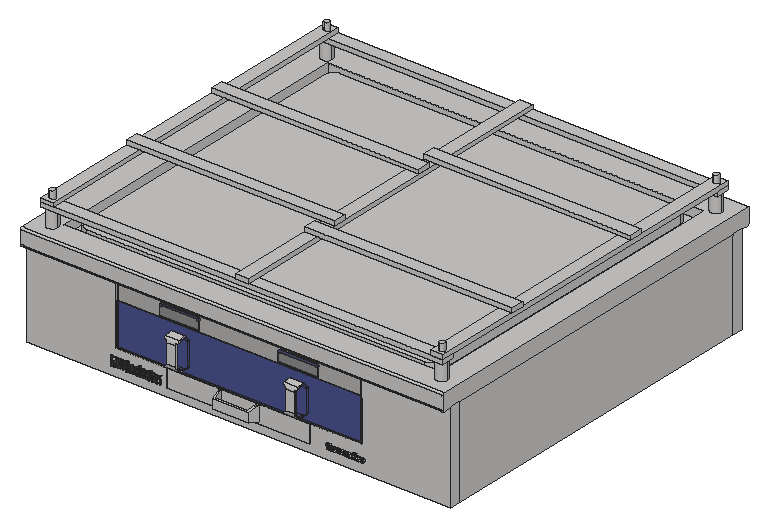
Revit family "QF_ELECTROLUXPROFESSIONAL_589871_MCLCACJODM", category Specialty Equipment, Revit 2014
Parameters
  Weight in Pounds = 487.22
  URL Cutsheet = ""
  Type Mark [instance] = ""
  Specification by User [instance] = ""
  Specification by Manufacturer = ""
  Serial Number = ""
  Seismic Rating = ""
  SMACNA No = ""
  Revision Code [instance] = ""
  Omniclass Number and Title = ""
  NAFEM Spec ID Number = ""
  Model = "588557"
  Masterspec = ""
  Manufacturer = "Electrolux Professional"
  Item Number [instance] = ""
  Installed By [instance] = ""
  Identify Quantity as Lot [instance] = yes
  Furnished By [instance] = ""
  Foodservice Equipment Identifier [instance] = yes
  Description = ""
  CSI MasterFormat = ""
  CSI Master Format = ""
Reference planes
  plane 1 "BACK": y = 0
  plane 2: z = 0
  plane 3 "LEFT": x = 0
  plane 4 "RIGHT": x = 1000
  plane 5 "FRONT": y = -900
  plane 6 "TOP": z = 900
  plane 7 "Center (Left/Right)": x = 500
  plane 8: y = -425
  plane 9: y = -150
  plane 10: x = 55
  plane 11: x = 945
  plane 12: y = -60
  plane 13: y = -840
  plane 14 "EIx": x = 955
  plane 15 "EIy": y = -685
  plane 16: z = 938
  plane 17 "BaseTop": z = 650
  plane 18: y = -855
Forms (mm)
  Extrusion 1, solid, material "QF_Finishes_Stainless Steel"
    sketch origin (-178.969, -4572, 100) x (-1, 0, 0) y (0, -1, 0)
      loop
        line (-178.969, -4527) -> (-178.969, -3717) -> (-1178.969, -3717) -> (-1178.969, -4527) -> (-178.969, -4527)
    from 550 to 762.969
  Extrusion 2, solid, material "QF_Finishes_Stainless Steel"
    sketch origin (200, -50, 650) x (-1, 0, 0) y (0, -1, 0)
      loop
        circle (-755, 635) r 6.35
    from 0 to -11.851
  Extrusion 3, solid, material "QF_Finishes_Stainless Steel"
    sketch origin (500, 296.4, 1219.2) x (0, 1, 0) y (0, 0, 1)
      loop
        line (-296.4, -319.2) -> (-1191.4, -319.2)
        arc (-1191.4, -319.2) -> (-1194.935, -320.664) -> (-1196.4, -324.2) r 5
        line (-1196.4, -324.2) -> (-1196.4, -355.2)
        arc (-1196.4, -355.2) -> (-1194.971, -358.264) -> (-1191.705, -359.139) r 4
        line (-1191.705, -359.139) -> (-1176.4, -356.231) -> (-316.4, -356.231) -> (-301.094, -359.139)
        arc (-301.094, -359.139) -> (-297.829, -358.264) -> (-296.4, -355.2) r 4
        line (-296.4, -355.2) -> (-296.4, -319.2)
    from -500 to 500
  Extrusion 4, solid, material "QF_Finishes_Stainless Steel"
    sketch origin (0, 0, 900) x (-1, 0, 0) y (0, -1, 0)
      loop
        arc (-100, 80) -> (-85.858, 85.858) -> (-80, 100) r 20
        line (-80, 100) -> (-80, 810)
        arc (-80, 810) -> (-85.858, 824.142) -> (-100, 830) r 20
        line (-100, 830) -> (-900, 830)
        arc (-900, 830) -> (-914.142, 824.142) -> (-920, 810) r 20
        line (-920, 810) -> (-920, 100)
        arc (-920, 100) -> (-914.142, 85.858) -> (-900, 80) r 20
        line (-900, 80) -> (-100, 80)
    from 1 to -20
  Extrusion 5, void
    sketch origin (0, 0, 900) x (-1, 0, 0) y (0, -1, 0)
      loop
        line (-55, 840) -> (-945, 840) -> (-945, 60) -> (-55, 60) -> (-55, 840)
    from 0 to -25
Cuts and joins
  Extrusion 5 cuts Extrusion 3
Lines and regions (mm)
  symbolic lines
    curve 1: line (0, 0, 100) -> (1000, 0, 100)
    curve 2: line (0, -900, 100) -> (0, 0, 100)
    curve 3: line (1000, -900, 100) -> (0, -900, 100)
    curve 4: line (1000, 0, 100) -> (1000, -900, 100)
    curve 5: arc (100, -80, 0) -> (85.858, -85.858, 0) -> (80, -100, 0) r 20
    curve 6: line (900, -80, 0) -> (515, -80, 0)
    curve 7: line (920, -810, 0) -> (920, -666, 0)
    curve 8: arc (920, -100, 0) -> (914.142, -85.858, 0) -> (900, -80, 0) r 20
    curve 9: line (80, -100, 0) -> (80, -336, 0)
    curve 10: arc (80, -810, 0) -> (85.858, -824.142, 0) -> (100, -830, 0) r 20
    curve 11: line (100, -830, 0) -> (485, -830, 0)
    curve 12: arc (900, -830, 0) -> (914.142, -824.142, 0) -> (920, -810, 0) r 20
    curve 13: line (80, -616, 0) -> (80, -810, 0)
    curve 14: line (80, -366, 0) -> (80, -586, 0)
    curve 15: line (515, -830, 0) -> (900, -830, 0)
    curve 16: line (920, -636, 0) -> (920, -316, 0)
    curve 17: line (920, -286, 0) -> (920, -100, 0)
    curve 18: line (485, -80, 0) -> (100, -80, 0)
Dimensions and locks
  plane 3 "LEFT" to plane 4 "RIGHT" = 1000 mm
  plane 5 "FRONT" to plane 1 "BACK" = 900 mm
  plane 3 "LEFT" to plane 7 "Center (Left/Right)" to plane 4 "RIGHT" = 500 mm, 500 mm
  plane 5 "FRONT" to plane 8 to plane 1 "BACK" = 475 mm, 425 mm
  plane 6 "TOP" to level = 900 mm  (x2)
  plane 1 "BACK" to plane 9 = 150 mm
  plane 1 "BACK" to Extrusion 2 = 685 mm
  locked: plane 14 "EIx" to plane 4 "RIGHT" at 45
  plane 15 "EIy" to plane 1 "BACK" = 685 mm
  plane 16 to plane 6 "TOP" = 38 mm
  plane 12 to plane 1 "BACK" = 60 mm
  plane 5 "FRONT" to plane 13 = 60 mm
  plane 3 "LEFT" to plane 10 = 55 mm
  plane 11 to plane 4 "RIGHT" = 55 mm
  locked: plane 6 "TOP" to plane 17 "BaseTop" at 250
  locked: plane 18 to plane 5 "FRONT" at 45
  aligned and locked: level to plane 2
  aligned and locked: cut or joined group of Extrusion 3, Extrusion 5 to plane 4 "RIGHT"
  aligned and locked: nested 1 to plane 18
  aligned and locked: Extrusion 1 to plane 18
  aligned and locked: plane 3 "LEFT" to nested 1
  aligned and locked: Extrusion 5 sketch curve to plane 10
  aligned and locked: Extrusion 5 sketch curve to plane 13
  aligned and locked: plane 11 to Extrusion 5 sketch curve
  aligned and locked: Extrusion 1 to plane 4 "RIGHT"
  aligned and locked: nested 3 to Extrusion 1
  aligned and locked: nested 3 to plane 3 "LEFT"
Nested families
  nested 1: "Front_Panel_W1000_Two Knobs" at (202.376, -855, 0), type "Front_Panel_W1000_Two Knobs"
  nested 2: "QF_ELECTROLUXPROFESSIONAL_MARINE1000x900_1" at (100, 0, 0), type "QF_ELECTROLUXPROFESSIONAL_MARINE1000x900_1"
    with Type Mark "", Specification by User "", Revision Code "", Item Number "", Installed By "", Identify Quantity as Lot yes, Furnished By "", Foodservice Equipment Identifier yes
  nested 3: "Front_Panel_W1000_2 Knobs" at (797.624, -45, 0) x (-1, 0, 0) z (0, 0, 1), type "Front_Panel_W1000_2 Knobs"
Connectors
  electrical at (955, -685, 638.149)
    settings: on Extrusion 2, index 1, voltage 400 V, apparent load 33000 VA, apparent load phase1 0 VA, apparent load phase2 0 VA, apparent load phase3 0 VA, power factor 1, load classification "Other", number of poles 1, system type 30, power factor state 1, is connector primary yes, connector utility no, sub classification motor no, connector description "ELECTRICAL CONNECTION"
Definition of nested family "Front_Panel_W1000_Two Knobs"
  Reference planes
    plane 1 "Center (Front/Back)": y = 0
    plane 2: z = 0
    plane 3 "Center (Left/Right)": x = 297.624
    plane 4 "Left": x = -202.376
    plane 5 "Right": x = 797.624
    plane 6: y = -45
    plane 7: x = 87.624
    plane 8: x = 157.624
    plane 9: y = -310
    plane 10: y = -25
    plane 11: x = -2.376
    plane 12: x = 437.624
    plane 13: x = 507.624
    plane 14: x = 594.715
  Forms (mm)
    Extrusion 1, solid, material "QF_Finishes_Stainless Steel"
      sketch origin (833.217, 829.203, -1.25) x (0, 1, 0) y (0, 0, 1)
        loop
          line (-854.203, 651.25) -> (-829.203, 651.25) -> (-829.203, 864.25) -> (-854.203, 864.25) -> (-854.203, 651.25)
      from -1035.593 to -35.593
    Extrusion 2, void
      sketch origin (0, 0, 0) x (1, 0, 0) y (0, 0, 1)
        loop
          line (7.624, 853.866) -> (7.624, 711.866) -> (587.624, 711.866) -> (587.624, 853.866) -> (7.624, 853.866)
      from 19.387 to 33.951
    Extrusion 3, void
      sketch origin (0, 0, 0) x (1, 0, 0) y (0, 0, 1)
        loop
          line (128.624, 711.866) -> (128.624, 668.866) -> (466.624, 668.866) -> (466.624, 711.866) -> (128.624, 711.866)
      from 19.387 to 25
    Extrusion 4, solid, material "QF_Finishes_Stainless Steel"
      sketch origin (150, 0, 1) x (1, 0, 0) y (0, 0, 1)
        loop
          line (-21.376, 710.866) -> (-21.376, 667.866) -> (316.624, 667.866) -> (316.624, 710.866) -> (-21.376, 710.866)
      from 19.387 to 25
    Extrusion 5, solid, material "QF_Finishes_Stainless Steel"
      sketch origin (150, 0, 1) x (1, 0, 0) y (0, 1, 0)
        loop
          line (106.059, -25) -> (100.966, -25) -> (105.646, -49.075) -> (189.603, -49.075) -> (194.283, -25) -> (189.189, -25) -> (185.481, -44.075) -> (109.767, -44.075) -> (106.059, -25)
      from 672.593 to 705.67
    Extrusion 6, void
      sketch origin (297.624, 0, 1) x (0, 1, 0) y (0, 0, 1)
        loop
          line (-30, 705.67) -> (-30, 710.67) -> (-56.744, 710.67) -> (-56.744, 667.593) -> (-30, 667.593) -> (-30, 672.593) -> (-53.776, 680.318) -> (-53.776, 697.945) -> (-30, 705.67)
      from -50 to 50
    Extrusion 7, solid, material "QF_Door-Drawer Clearances", detail levels coarse
      sketch origin (150, -265, 1) x (1, 0, 0) y (0, 1, 0)
        loop
          line (106.164, -71.744) -> (189.084, -71.744) -> (194.283, -45) -> (316.624, -45) -> (316.624, 240) -> (-21.376, 240) -> (-21.376, -45) -> (100.966, -45) -> (106.164, -71.744)
      from 672.593 to 705.67
    Extrusion 8, void
      sketch origin (297.624, -280, 1) x (0, 1, 0) y (0, 0, 1)
        loop
          line (-30, 705.67) -> (-30, 710.67) -> (-56.744, 710.67) -> (-56.744, 667.593) -> (-30, 667.593) -> (-30, 672.593) -> (-53.776, 680.318) -> (-53.776, 697.945) -> (-30, 705.67)
      from -50 to 50
  Cuts and joins
    Extrusion 2, Extrusion 3 cuts Extrusion 1
    Extrusion 6 cuts Extrusion 5
    Extrusion 6, Extrusion 8 cuts Extrusion 7
  Lines and regions (mm)
    symbolic lines, style "SpecialityEquipmentHiddenLines"
      curve 1: line (128.624, -45, 0) -> (128.624, -310, 0)
      curve 2: line (128.624, -310, 0) -> (466.624, -310, 0)
      curve 3: line (466.624, -310, 0) -> (466.624, -45, 0)
      curve 4: line (128.624, -300, 0) -> (466.624, -300, 0)
      curve 5: line (250.958, -309.701, 0) -> (255.638, -333.776, 0)
      curve 6: line (255.638, -333.776, 0) -> (339.595, -333.776, 0)
      curve 7: line (339.595, -333.776, 0) -> (344.275, -309.701, 0)
      curve 8: line (256.052, -309.701, 0) -> (259.76, -328.776, 0)
      curve 9: line (259.76, -328.776, 0) -> (335.474, -328.776, 0)
      curve 10: line (335.474, -328.776, 0) -> (339.181, -309.701, 0)
  Dimensions and locks
    equal spacing: plane 5 "Right", plane 3 "Center (Left/Right)", plane 4 "Left"
    plane 5 "Right" to plane 4 "Left" = 1000 mm
    plane 3 "Center (Left/Right)" to plane 8 = 140 mm
    plane 6 to plane 9 = 265 mm
    plane 12 to plane 3 "Center (Left/Right)" = 140 mm
    aligned and locked: cut or joined group of Extrusion 1, Extrusion 2, Extrusion 3 to plane 4 "Left"
    aligned and locked: plane 5 "Right" to cut or joined group of Extrusion 1, Extrusion 2, Extrusion 3
    aligned and locked: plane 3 "Center (Left/Right)" to nested 1
    aligned and locked: cut or joined group of Extrusion 1, Extrusion 2, Extrusion 3 to nested 1
    aligned and locked: plane 8 to nested 2
    aligned and locked: plane 12 to nested 3
  Automatic sketch dimensions
    plane 7 to Extrusion 3 sketch curve = 41 mm
    plane 3 "Center (Left/Right)" to Extrusion 3 sketch curve = 169 mm
    level to Extrusion 3 sketch curve = 668.866 mm
    Extrusion 3 sketch curve to Extrusion 3 sketch curve = 43 mm
    Extrusion 1 sketch curve to plane 1 "Center (Front/Back)" = 0 mm
    level to Extrusion 1 sketch curve = 650 mm
    plane 4 "Left" to Extrusion 2 sketch curve = 210 mm
    Extrusion 2 sketch curve to plane 5 "Right" = 210 mm
    level to Extrusion 2 sketch curve = 711.866 mm
    Extrusion 2 sketch curve to Extrusion 2 sketch curve = 142 mm
    plane 6 to curve 1 = 0 mm
    plane 6 to curve 3 = 0 mm
    plane 9 to curve 1 = 0 mm
    plane 7 to curve 1 = 41 mm
    curve 1 to curve 4 = 10 mm
    Extrusion 1 sketch curve to plane 6 = 20 mm
    Extrusion 1 sketch curve to Extrusion 1 sketch curve = 213 mm
    Extrusion 4 sketch curve to plane 8 = 29 mm
    plane 12 to Extrusion 4 sketch curve = 29 mm
    level to Extrusion 4 sketch curve = 668.866 mm
    Extrusion 4 sketch curve to Extrusion 4 sketch curve = 43 mm
    plane 10 to Extrusion 5 sketch curve = 0 mm  (x2)
    Extrusion 5 sketch curve to plane 3 "Center (Left/Right)" = 46.658 mm
    plane 6 to Extrusion 5 sketch curve = 4.075 mm
    Extrusion 5 sketch curve to Extrusion 5 sketch curve = 4.68 mm
    Extrusion 5 sketch curve to Extrusion 5 sketch curve = 5.094 mm  (x2)
    Extrusion 5 sketch curve to plane 6 = 0.925 mm
    Extrusion 5 sketch curve to Extrusion 5 sketch curve = 4.122 mm  (x2)
    plane 3 "Center (Left/Right)" to Extrusion 5 sketch curve = 37.857 mm
    Extrusion 5 sketch curve to Extrusion 5 sketch curve = 3.708 mm
    plane 6 to Extrusion 6 sketch curve = 11.744 mm
    plane 6 to Extrusion 6 sketch curve = 8.776 mm
    plane 10 to Extrusion 6 sketch curve = 5 mm  (x2)
    level to Extrusion 6 sketch curve = 668.593 mm
    Extrusion 6 sketch curve to Extrusion 6 sketch curve = 5 mm
    Extrusion 6 sketch curve to Extrusion 6 sketch curve = 12.725 mm  (x2)
    Extrusion 6 sketch curve to Extrusion 6 sketch curve = 17.627 mm
    Extrusion 6 sketch curve to Extrusion 6 sketch curve = 7.725 mm
    plane 10 to Extrusion 7 sketch curve = 0 mm
    Extrusion 7 sketch curve to plane 9 = 0 mm  (x2)
    Extrusion 7 sketch curve to plane 8 = 29 mm
    Extrusion 7 sketch curve to plane 3 "Center (Left/Right)" = 46.658 mm
    Extrusion 7 sketch curve to Extrusion 7 sketch curve = 5.199 mm  (x2)
    plane 3 "Center (Left/Right)" to Extrusion 7 sketch curve = 41.46 mm
    plane 12 to Extrusion 7 sketch curve = 29 mm
    Extrusion 7 sketch curve to plane 9 = 26.744 mm
    Extrusion 8 sketch curve to plane 9 = 0 mm  (x2)
    Extrusion 8 sketch curve to plane 9 = 23.776 mm
    Extrusion 8 sketch curve to Extrusion 8 sketch curve = 2.968 mm
    level to Extrusion 8 sketch curve = 668.593 mm
    Extrusion 8 sketch curve to Extrusion 8 sketch curve = 5 mm
    Extrusion 8 sketch curve to Extrusion 8 sketch curve = 12.725 mm  (x2)
    Extrusion 8 sketch curve to Extrusion 8 sketch curve = 17.627 mm
    Extrusion 8 sketch curve to Extrusion 8 sketch curve = 7.725 mm
    plane 12 to curve 3 = 29 mm
    plane 9 to curve 5 = 0.299 mm
    curve 5 to plane 3 "Center (Left/Right)" = 46.666 mm
    curve 5 to curve 5 = 4.68 mm
    plane 9 to curve 8 = 0.299 mm
    curve 5 to curve 8 = 5.094 mm
    curve 5 to curve 9 = 4.122 mm
    curve 9 to plane 9 = 18.776 mm
    plane 3 "Center (Left/Right)" to curve 9 = 37.849 mm
    plane 9 to curve 10 = 0.299 mm
    curve 9 to curve 10 = 3.708 mm
    curve 9 to curve 7 = 4.122 mm
    plane 9 to curve 7 = 0.299 mm
    curve 10 to curve 7 = 5.094 mm
    curve 6 to curve 8 = 5 mm
  Nested families
    nested 1: "Front glass control panel W1000_2" at (297.624, 280.644, 2.752), type "Front glass control panel W1000_2"
    nested 2: "Range Control Handle" at (157.624, -28.137, -209.113) x (-1, 0, 0) z (0, 0, 1), type "Range Control Handle"
    nested 3: "Range Control Handle" at (437.624, -28.137, -209.113), type "Range Control Handle"
    nested 4: "ELX_ThermaLine_Small" at (546.122, -25, 679.426) x (1, 0, 0) z (0, -1, 0), type "ELX_ThermaLine_Small"
      with Show Logo yes, Material_Logo QF_Finishes_Black
    nested 5: "ELX_Professional_Logo_Small" at (57.11, -25, 681.659) x (1, 0, 0) z (0, -1, 0), type "ELX_Professional_Logo_Small"
      with Show Logo yes, Material_Logo QF_Finishes_Black
  Definition of nested family "Front glass control panel W1000_2"
    Reference planes
      plane 1 "Center (Front/Back)": y = 0
      plane 2: z = 0
      plane 3 "Center (Left/Right)": x = 0
      plane 4: x = -140
      plane 5: x = 140
    Forms (mm)
      Extrusion 1, solid, material "QF_Finishes_Electrolux Cyan"
        sketch origin (378.286, 0, 0.617) x (1, 0, 0) y (0, 0, 1)
          loop
            line (-668.286, 806.791) -> (-668.286, 708.497) -> (-88.286, 708.497) -> (-88.286, 806.791) -> (-668.286, 806.791)
        from 300.031 to 304.8
      Extrusion 2, solid, material "QF_Finishes_Electrolux_Black"
        sketch origin (378.286, 0, 0.617) x (1, 0, 0) y (0, 0, 1)
          loop
            line (-668.286, 850.497) -> (-668.286, 806.791) -> (-88.286, 806.791) -> (-88.286, 850.497) -> (-668.286, 850.497)
        from 300.031 to 304.8
      Extrusion 3, void
        sketch origin (378.286, 0, 0.617) x (1, 0, 0) y (0, 0, 1)
          loop
            line (-665.628, 847.565) -> (-665.628, 710.699) -> (-91.196, 710.699) -> (-91.196, 847.565) -> (-665.628, 847.565)
        from 303.697 to 304.8
      Extrusion 4, solid, material "QF_Finishes_Electrolux_Black Smoke Iluminated"
        sketch origin (-448.309, 1.101, -0.633) x (-1, 0, 0) y (0, 0, -1)
          loop
            line (-261.431, -812.62) -> (-355.186, -812.62) -> (-355.186, -834.177) -> (-350.269, -834.177) -> (-348.469, -835.977) -> (-268.039, -835.977) -> (-266.24, -834.177) -> (-261.431, -834.177) -> (-261.431, -812.62)
        from 304.798 to 306.745
      Extrusion 5, solid, material "QF_Finishes_Electrolux_Royal Blue Illuminated"
        sketch origin (-448.309, 1.101, -0.633) x (-1, 0, 0) y (0, 0, -1)
          loop
            line (-350.269, -834.177) -> (-355.078, -834.177)
            arc (-355.078, -834.177) -> (-353.942, -838.747) -> (-349.686, -840.763) r 5.5
            line (-349.686, -840.763) -> (-266.98, -840.763)
            arc (-266.98, -840.763) -> (-262.706, -838.752) -> (-261.529, -834.177) r 5.549
            line (-261.529, -834.177) -> (-266.24, -834.177) -> (-268.039, -835.977) -> (-348.469, -835.977) -> (-350.269, -834.177)
        from 304.798 to 306.745
      Extrusion 6, solid, material "QF_Finishes_Electrolux_Black Smoke Iluminated"
        sketch origin (448.309, 1.101, -0.633) x (1, 0, 0) y (0, 0, 1)
          loop
            line (-261.431, 812.62) -> (-261.431, 834.177) -> (-266.24, 834.177) -> (-268.039, 835.977) -> (-348.469, 835.977) -> (-350.269, 834.177) -> (-355.186, 834.177) -> (-355.186, 812.62) -> (-261.431, 812.62)
        from 304.798 to 306.745
      Extrusion 7, solid, material "QF_Finishes_Electrolux_Royal Blue Illuminated"
        sketch origin (448.309, 1.101, -0.633) x (1, 0, 0) y (0, 0, 1)
          loop
            line (-350.269, 834.177) -> (-348.469, 835.977) -> (-268.039, 835.977) -> (-266.24, 834.177) -> (-261.529, 834.177)
            arc (-261.529, 834.177) -> (-262.706, 838.752) -> (-266.98, 840.763) r 5.549
            line (-266.98, 840.763) -> (-349.686, 840.763)
            arc (-349.686, 840.763) -> (-353.942, 838.747) -> (-355.078, 834.177) r 5.5
            line (-355.078, 834.177) -> (-350.269, 834.177)
        from 304.798 to 306.745
    Cuts and joins
      Extrusion 3 cuts Extrusion 1
      Extrusion 3 cuts Extrusion 2
    Dimensions and locks
      plane 3 "Center (Left/Right)" to plane 4 = 140 mm
      plane 5 to plane 3 "Center (Left/Right)" = 140 mm
      aligned and locked: Extrusion 1 to Extrusion 2
      aligned and locked: Extrusion 5 sketch curve to Extrusion 4  (x5)
      aligned and locked: Extrusion 5 to Extrusion 4
      aligned and locked: Extrusion 7 sketch curve to Extrusion 6  (x4)
      aligned and locked: Extrusion 6 to Extrusion 7 sketch curve
      aligned and locked: Extrusion 7 to Extrusion 6
  Definition of nested family "Range Control Handle"
    Reference planes
      plane 1 "Center (Front/Back)": y = 0
      plane 2: z = 0
      plane 3 "Center (Left/Right)": x = 0
      plane 4: z = 971.092
      plane 5: y = -16.9
    Forms (mm)
      Extrusion 1, solid, material "QF_Finishes_Electrolux Cyan"
        sketch origin (-746.28, 380.497, 208.931) x (-1, 0, 0) y (0, 0, 1)
          loop
            line (-770.101, 786.798) -> (-770.101, 731.649)
            arc (-770.101, 731.649) -> (-769.759, 730.563) -> (-768.855, 729.87) r 1.893
            line (-768.855, 729.87) -> (-763.474, 727.911) -> (-729.81, 727.911) -> (-724.428, 729.87)
            arc (-724.428, 729.87) -> (-723.525, 730.563) -> (-723.183, 731.649) r 1.893
            line (-723.183, 731.649) -> (-723.183, 786.798)
            arc (-723.183, 786.798) -> (-723.529, 787.894) -> (-724.44, 788.593) r 1.91
            line (-724.44, 788.593) -> (-729.683, 790.819) -> (-763.601, 790.819) -> (-768.844, 788.593)
            arc (-768.844, 788.593) -> (-769.755, 787.894) -> (-770.101, 786.798) r 1.91
        from -382.35 to -378.852
      Sweep 2, solid, material "QF_Finishes_Electrolux Cyan"
        path origin (-746.788, 380.496, 208.091) x (0, -1, 0) y (0, 0, 1)
          loop
            line (379.775, 793.281) -> (395.661, 791.048)
            arc (395.661, 791.048) -> (397.781, 787.377) -> (398.517, 783.202) r 12.207
            line (398.517, 783.202) -> (398.517, 737.368)
            arc (398.517, 737.368) -> (397.781, 733.193) -> (395.661, 729.522) r 12.207
            line (395.661, 729.522) -> (379.775, 727.289)
        profile origin (-746.788, -7.222, 1000.256) x (0, -0.139173, 0.990268) y (-1, 0, 0)
          loop
            line (0.782, -763.123) -> (0.782, -730.907) -> (-1.322, -730.907) -> (-1.322, -763.123) -> (0.782, -763.123)
      Sweep 3, solid, material "QF_Finishes_Stainless Steel"
        path origin (-746.788, 380.715, 207.832) x (0, -1, 0) y (0, 0, 1)
          loop
            line (380.478, 795.442) -> (397.218, 793.09)
            arc (397.218, 793.09) -> (399.929, 788.473) -> (400.871, 783.202) r 15.207
            line (400.871, 783.202) -> (400.871, 737.584)
            arc (400.871, 737.584) -> (399.914, 732.274) -> (397.164, 727.633) r 15.207
            line (397.164, 727.633) -> (380.601, 725.305)
        profile origin (-746.788, -8.132, 1002.099) x (0, -0.139173, 0.990268) y (-1, 0, 0)
          loop
            line (0.782, -763.123) -> (0.782, -730.907) -> (-1.322, -730.907) -> (-1.322, -763.123) -> (0.782, -763.123)
      Extrusion 4, void
        sketch origin (889.253, 220.666, 207.993) x (1, 0, 0) y (0, 0, 1)
          loop
            line (-943.038, 816.854) -> (-943.038, 703.686) -> (-899.466, 734.196) -> (-899.466, 786.344) -> (-943.038, 816.854)
        from 230.636 to 242.25
      Extrusion 5, void
        sketch origin (-888.8, 220.666, 207.993) x (-1, 0, 0) y (0, 0, -1)
          loop
            line (-943.038, -816.854) -> (-899.466, -786.344) -> (-899.466, -734.196) -> (-943.038, -703.686) -> (-943.038, -816.854)
        from 230.636 to 242.25
      Extrusion 6, solid, material "QF_Finishes_Electrolux Cyan"
        sketch origin (0, 0, 0) x (1, 0, 0) y (0, 0, 1)
          loop
            circle (0, 971.092) r 7.736
        from -3.137 to -1.645
    Cuts and joins
      Extrusion 4, Extrusion 5 cuts Sweep 3
      Extrusion 4, Extrusion 5 cuts Sweep 2
      joined: Extrusion 1, Extrusion 6
    Lines and regions (mm)
      symbolic lines
        curve 1: line (16.334, -16.9, 0) -> (16.334, -19.227, 0)
        curve 2: spline (16.334, -19.227, 0) -> (15.87, -19.385, 0) -> (15.404, -19.536, 0) -> (14.936, -19.678, 0) -> (14.466, -19.813, 0) -> (13.995, -19.94, 0) -> (13.523, -20.059, 0) -> (13.049, -20.171, 0) -> (12.575, -20.274, 0) -> (12.099, -20.37, 0) -> (11.622, -20.458, 0) -> (11.144, -20.537, 0) -> (10.666, -20.609, 0)
        curve 3: line (10.666, -16.9, 0) -> (10.666, -20.938, 0)
        curve 4: line (-10.213, -20.938, 0) -> (10.666, -20.938, 0)
        curve 5: line (-10.213, -20.938, 0) -> (-10.213, -16.9, 0)
        curve 6: spline (-10.213, -20.609, 0) -> (-10.691, -20.537, 0) -> (-11.169, -20.458, 0) -> (-11.646, -20.37, 0) -> (-12.122, -20.274, 0) -> (-12.597, -20.171, 0) -> (-13.07, -20.059, 0) -> (-13.542, -19.94, 0) -> (-14.013, -19.813, 0) -> (-14.483, -19.678, 0) -> (-14.951, -19.536, 0) -> (-15.417, -19.385, 0) -> (-15.881, -19.227, 0)
        curve 7: line (-15.881, -19.227, 0) -> (-15.881, -16.9, 0)
  Definition of nested family "ELX_ThermaLine_Small"
    Parameters (values of type "ELX_ThermaLine_Small")
      Show Logo [instance] = yes
      Material_Logo [instance] = QF_Finishes_Black
      Default Elevation = 0 mm
    Reference planes
      plane 1 "Centro (Fronte/Retro)": y = 0
      plane 2: z = 0
      plane 3 "Centro (Sinistra/Destra)": x = 0
    Forms (mm)
      Extrusion 1, solid
        sketch origin (0, 0, 0) x (1, 0, 0) y (0, 1, 0)
          loop
            line (-1219.2, 1219.2) -> (-1219.2, -1219.2) -> (1219.2, -1219.2) -> (1219.2, 1219.2) -> (-1219.2, 1219.2)
        from 0 to -304.8
      Extrusion 2, solid, material "QF_Finishes_White"
        sketch origin (0, 0, 0) x (1, 0, 0) y (0, 1, 0)
          loop
            line (-37.494, 1.229) -> (-35.908, 1.229) -> (-35.908, 3.066) -> (-37.494, 3.066) -> (-37.494, 6.221) -> (-39.867, 4.881) -> (-39.867, 3.066) -> (-40.969, 3.066) -> (-40.969, 1.229) -> (-39.867, 1.229) -> (-39.867, -3.407)
            arc (-39.867, -3.407) -> (-38.982, -5.513) -> (-36.751, -6.001) r 2.478
            line (-36.751, -6.001) -> (-35.638, -5.7) -> (-35.9, -3.835) -> (-36.661, -4.039)
            arc (-36.661, -4.039) -> (-37.236, -3.924) -> (-37.494, -3.399) r 0.662
            line (-37.494, -3.399) -> (-37.494, 1.229)
          loop
            line (-34.242, 6.539) -> (-34.242, -5.848) -> (-31.854, -5.848) -> (-31.854, -0.078)
            arc (-31.854, -0.078) -> (-30.939, 1.249) -> (-29.33, 1.367) r 1.866
            arc (-29.33, 1.367) -> (-28.695, 0.768) -> (-28.461, -0.073) r 1.627
            line (-28.461, -0.073) -> (-28.461, -5.848) -> (-26.086, -5.848) -> (-26.064, -0.46)
            arc (-26.064, -0.46) -> (-26.261, 0.932) -> (-26.786, 2.237) r 5.825
            arc (-26.786, 2.237) -> (-29.381, 3.264) -> (-31.854, 1.971) r 3.353
            line (-31.854, 1.971) -> (-31.854, 6.539) -> (-34.242, 6.539)
          loop
            arc (-18.398, -0.598) -> (-18.893, 0.879) -> (-20.326, 1.487) r 1.897
            arc (-20.326, 1.487) -> (-21.461, 0.708) -> (-21.897, -0.598) r 2.164
            line (-21.897, -0.598) -> (-18.398, -0.598)
          loop
            arc (-16.021, -2.044) -> (-16.754, 1.227) -> (-19.444, 3.226) r 4.814
            arc (-19.444, 3.226) -> (-22.137, 2.788) -> (-23.943, 0.743) r 4.054
            arc (-23.943, 0.743) -> (-24.382, -1.249) -> (-24.162, -3.276) r 6.289
            arc (-24.162, -3.276) -> (-23.302, -4.71) -> (-21.958, -5.705) r 4.28
            arc (-21.958, -5.705) -> (-18.558, -5.814) -> (-16.152, -3.409) r 4.28
            line (-16.152, -3.409) -> (-18.5, -2.995)
            arc (-18.5, -2.995) -> (-19.273, -3.994) -> (-20.533, -4.076) r 1.536
            arc (-20.533, -4.076) -> (-21.56, -3.281) -> (-21.958, -2.044) r 2.197
            line (-21.958, -2.044) -> (-16.021, -2.044)
          loop
            line (-14.165, -5.848) -> (-11.819, -5.848) -> (-11.819, -2.138)
            arc (-11.819, -2.138) -> (-11.787, -1.156) -> (-11.637, -0.185) r 8.18
            arc (-11.637, -0.185) -> (-10.644, 0.972) -> (-9.132, 0.776) r 1.603
            line (-9.132, 0.776) -> (-8.419, 2.846)
            arc (-8.419, 2.846) -> (-10.432, 3.118) -> (-11.994, 1.821) r 2.527
            line (-11.994, 1.821) -> (-11.994, 3.094) -> (-14.165, 3.094) -> (-14.165, -5.848)
          loop
            line (-7.579, 3.094) -> (-7.579, -5.848) -> (-5.178, -5.848) -> (-5.178, -0.756)
            arc (-5.178, -0.756) -> (-4.727, 0.679) -> (-3.417, 1.419) r 2.05
            arc (-3.417, 1.419) -> (-2.499, 0.908) -> (-2.155, -0.085) r 1.471
            line (-2.155, -0.085) -> (-2.155, -5.848) -> (0.23, -5.848) -> (0.23, -1.001)
            arc (0.23, -1.001) -> (0.47, 0.127) -> (1.148, 1.061) r 2.775
            arc (1.148, 1.061) -> (2.225, 1.329) -> (3.05, 0.587) r 1.182
            arc (3.05, 0.587) -> (3.199, -0.019) -> (3.214, -0.642) r 2.894
            line (3.214, -0.642) -> (3.214, -5.848) -> (5.601, -5.848) -> (5.601, 0.261)
            arc (5.601, 0.261) -> (4.87, 2.263) -> (2.976, 3.241) r 2.932
            arc (2.976, 3.241) -> (1.284, 2.973) -> (-0.047, 1.896) r 3.309
            arc (-0.047, 1.896) -> (-1.116, 2.865) -> (-2.506, 3.258) r 3.16
            arc (-2.506, 3.258) -> (-4.105, 2.942) -> (-5.376, 1.92) r 3.419
            line (-5.376, 1.92) -> (-5.376, 3.094) -> (-7.579, 3.094)
          loop
            line (7.583, 0.738) -> (9.702, 0.364)
            arc (9.702, 0.364) -> (11.441, 1.492) -> (12.855, -0.023) r 1.613
            line (12.855, -0.023) -> (9.782, -0.789)
            arc (9.782, -0.789) -> (8.559, -1.346) -> (7.617, -2.305) r 3.687
            arc (7.617, -2.305) -> (7.499, -3.681) -> (7.901, -5.003) r 3.651
            arc (7.901, -5.003) -> (9.107, -5.766) -> (10.515, -6.006) r 3.635
            arc (10.515, -6.006) -> (11.898, -5.697) -> (13.067, -4.895) r 3.734
            line (13.067, -4.895) -> (13.376, -5.848) -> (15.75, -5.848) -> (15.212, -4.193) -> (15.212, 0.38)
            arc (15.212, 0.38) -> (14.897, 1.849) -> (13.818, 2.895) r 2.585
            arc (13.818, 2.895) -> (11.792, 3.442) -> (9.719, 3.11) r 5.005
            arc (9.719, 3.11) -> (8.369, 2.178) -> (7.583, 0.738) r 3.54
          loop
            line (19.723, -5.848) -> (22.233, -5.848) -> (24.854, 6.484) -> (22.345, 6.484) -> (19.723, -5.848)
          loop
            line (24.583, -5.848) -> (26.953, -5.848) -> (28.848, 3.066) -> (26.478, 3.066) -> (24.583, -5.848)
          loop
            line (27.204, 6.484) -> (26.741, 4.305) -> (29.111, 4.305) -> (29.575, 6.484) -> (27.204, 6.484)
          loop
            line (29.355, -5.848) -> (31.849, -5.848) -> (33.098, 0.028)
            arc (33.098, 0.028) -> (34.169, 1.306) -> (35.832, 1.422) r 2.132
            arc (35.832, 1.422) -> (36.324, 0.752) -> (36.383, -0.078) r 1.5
            line (36.383, -0.078) -> (35.157, -5.848) -> (37.536, -5.848) -> (38.936, 0.738)
            arc (38.936, 0.738) -> (38.775, 2.091) -> (37.825, 3.066) r 2.118
            arc (37.825, 3.066) -> (35.392, 3.175) -> (33.295, 1.937) r 4.271
            line (33.295, 1.937) -> (33.535, 3.066) -> (31.25, 3.066) -> (29.355, -5.848)
          loop
            line (42.792, -0.64) -> (46.589, -0.64)
            arc (46.589, -0.64) -> (46.639, 0.124) -> (46.327, 0.823) r 1.589
            arc (46.327, 0.823) -> (45.117, 1.521) -> (43.762, 1.183) r 1.865
            arc (43.762, 1.183) -> (43.141, 0.344) -> (42.792, -0.64) r 3.538
          loop
            line (42.565, -2.138) -> (48.593, -2.138)
            arc (48.593, -2.138) -> (48.58, 0.597) -> (46.983, 2.818) r 4.494
            arc (46.983, 2.818) -> (44.191, 3.28) -> (41.725, 1.891) r 4.26
            arc (41.725, 1.891) -> (40.503, -0.3) -> (40.284, -2.799) r 6.003
            arc (40.284, -2.799) -> (40.959, -4.468) -> (42.377, -5.576) r 3.482
            arc (42.377, -5.576) -> (44.265, -5.961) -> (46.152, -5.576) r 4.823
            arc (46.152, -5.576) -> (47.432, -4.731) -> (48.328, -3.485) r 4.245
            line (48.328, -3.485) -> (46.168, -3.105)
            arc (46.168, -3.105) -> (45.214, -4.072) -> (43.859, -4.181) r 1.953
            arc (43.859, -4.181) -> (42.821, -3.408) -> (42.565, -2.138) r 1.81
          loop
            line (12.868, -1.553) -> (10.216, -2.214)
            arc (10.216, -2.214) -> (9.747, -3.136) -> (10.216, -4.058) r 1.14
            arc (10.216, -4.058) -> (11.537, -4.249) -> (12.614, -3.46) r 1.763
            arc (12.614, -3.46) -> (12.858, -2.522) -> (12.868, -1.553) r 3.97
        from 0 to 1.6
    Dimensions and locks
      aligned and locked: plane 2 to Extrusion 1
      aligned and locked: level to Extrusion 1
  Definition of nested family "ELX_Professional_Logo_Small"
    Parameters (values of type "ELX_Professional_Logo_Small")
      Show Logo [instance] = yes
      Material_Logo [instance] = QF_Finishes_Black
      Default Elevation = 0 mm
    Reference planes
      plane 1 "Centro (Fronte/Retro)": y = 0
      plane 2: z = 0
      plane 3 "Centro (Sinistra/Destra)": x = 0
    Forms (mm)
      Extrusion 1, solid
        sketch origin (0, 0, 0) x (1, 0, 0) y (0, 1, 0)
          loop
            line (-1219.2, 1219.2) -> (-1219.2, -1219.2) -> (1219.2, -1219.2) -> (1219.2, 1219.2) -> (-1219.2, 1219.2)
        from 0 to -304.8
      Extrusion 2, solid, material "QF_Finishes_Black" <- "Material_Logo"
        sketch origin (15.5, 0, 0) x (1, 0, 0) y (0, 1, 0)
          loop
            spline (-42.99, -1.24) -> (-43.195, -1.231) -> (-43.415, -1.203) -> (-43.642, -1.152) -> (-43.87, -1.074) -> (-44.095, -0.966) -> (-44.309, -0.825) -> (-44.506, -0.647) -> (-44.681, -0.429) -> (-44.828, -0.167) -> (-44.94, 0.142) -> (-45.011, 0.501) -> (-45.037, 0.915)
            line (-45.037, 0.915) -> (-45.037, 2.748) -> (-38.984, 2.748) -> (-38.984, 5.086) -> (-45.038, 5.086) -> (-45.038, 8.489) -> (-38.599, 8.489) -> (-38.599, 10.82) -> (-47.515, 10.82) -> (-47.515, 1.021)
            spline (-47.515, 1.021) -> (-47.493, 0.418) -> (-47.425, -0.15) -> (-47.311, -0.682) -> (-47.15, -1.175) -> (-46.939, -1.628) -> (-46.678, -2.038) -> (-46.365, -2.404) -> (-46, -2.723) -> (-45.58, -2.995) -> (-45.105, -3.216) -> (-44.573, -3.385) -> (-43.983, -3.499)
            line (-43.983, -3.499) -> (-43.01, -3.569) -> (-38.426, -3.569) -> (-38.426, -1.24) -> (-42.99, -1.24)
          loop
            line (-36.666, 4.021) -> (-36.666, -3.573) -> (-34.188, -3.573) -> (-34.188, 10.824) -> (-36.666, 10.824) -> (-36.666, 4.021)
          loop
            spline (-21.915, 1.897) -> (-21.957, 2.615) -> (-22.082, 3.303) -> (-22.285, 3.955) -> (-22.563, 4.564) -> (-22.913, 5.124) -> (-23.331, 5.629) -> (-23.814, 6.074) -> (-24.359, 6.451) -> (-24.961, 6.755) -> (-25.618, 6.98) -> (-26.326, 7.119) -> (-27.081, 7.167)
            spline (-27.081, 7.167) -> (-27.853, 7.122) -> (-28.586, 6.99) -> (-29.275, 6.774) -> (-29.915, 6.478) -> (-30.5, 6.104) -> (-31.024, 5.657) -> (-31.483, 5.138) -> (-31.871, 4.553) -> (-32.182, 3.904) -> (-32.411, 3.194) -> (-32.552, 2.427) -> (-32.6, 1.606)
            spline (-32.6, 1.606) -> (-32.553, 0.805) -> (-32.416, 0.057) -> (-32.193, -0.637) -> (-31.887, -1.271) -> (-31.504, -1.843) -> (-31.048, -2.35) -> (-30.523, -2.788) -> (-29.934, -3.154) -> (-29.284, -3.444) -> (-28.579, -3.656) -> (-27.822, -3.785) -> (-27.019, -3.829)
            spline (-27.019, -3.829) -> (-26.627, -3.82) -> (-26.239, -3.79) -> (-25.856, -3.739) -> (-25.477, -3.663) -> (-25.103, -3.562) -> (-24.734, -3.432) -> (-24.369, -3.273) -> (-24.01, -3.082) -> (-23.655, -2.858) -> (-23.305, -2.597) -> (-22.96, -2.299) -> (-22.621, -1.962)
            line (-22.621, -1.962) -> (-24.114, -0.509)
            spline (-24.114, -0.509) -> (-24.311, -0.699) -> (-24.509, -0.872) -> (-24.71, -1.03) -> (-24.915, -1.172) -> (-25.126, -1.297) -> (-25.346, -1.407) -> (-25.576, -1.5) -> (-25.817, -1.576) -> (-26.072, -1.636) -> (-26.342, -1.678) -> (-26.629, -1.704) -> (-26.936, -1.713)
            spline (-26.936, -1.713) -> (-27.384, -1.691) -> (-27.805, -1.625) -> (-28.196, -1.518) -> (-28.556, -1.372) -> (-28.882, -1.187) -> (-29.174, -0.966) -> (-29.429, -0.71) -> (-29.645, -0.422) -> (-29.821, -0.102) -> (-29.955, 0.247) -> (-30.045, 0.623) -> (-30.089, 1.026)
            line (-30.089, 1.026) -> (-21.956, 1.026) -> (-21.915, 1.897)
          loop
            spline (-24.446, 2.769) -> (-24.47, 3.075) -> (-24.54, 3.37) -> (-24.654, 3.65) -> (-24.807, 3.913) -> (-24.996, 4.156) -> (-25.219, 4.376) -> (-25.472, 4.57) -> (-25.753, 4.736) -> (-26.057, 4.869) -> (-26.382, 4.968) -> (-26.724, 5.03) -> (-27.081, 5.051)
            spline (-27.081, 5.051) -> (-27.464, 5.03) -> (-27.832, 4.97) -> (-28.183, 4.872) -> (-28.513, 4.74) -> (-28.819, 4.577) -> (-29.099, 4.384) -> (-29.347, 4.165) -> (-29.563, 3.923) -> (-29.742, 3.659) -> (-29.881, 3.377) -> (-29.977, 3.079) -> (-30.027, 2.769)
            line (-30.027, 2.769) -> (-24.446, 2.769)
          loop
            spline (-18.167, 1.669) -> (-18.138, 2.13) -> (-18.055, 2.567) -> (-17.921, 2.978) -> (-17.739, 3.358) -> (-17.512, 3.705) -> (-17.243, 4.016) -> (-16.937, 4.287) -> (-16.596, 4.517) -> (-16.223, 4.7) -> (-15.823, 4.835) -> (-15.398, 4.919) -> (-14.951, 4.947)
            spline (-14.951, 4.947) -> (-14.677, 4.938) -> (-14.414, 4.913) -> (-14.162, 4.871) -> (-13.921, 4.812) -> (-13.69, 4.738) -> (-13.467, 4.649) -> (-13.254, 4.544) -> (-13.048, 4.424) -> (-12.85, 4.291) -> (-12.659, 4.143) -> (-12.474, 3.981) -> (-12.295, 3.806)
            line (-12.295, 3.806) -> (-10.76, 5.403)
            spline (-10.76, 5.403) -> (-11.065, 5.709) -> (-11.38, 5.984) -> (-11.703, 6.228) -> (-12.035, 6.443) -> (-12.375, 6.63) -> (-12.723, 6.788) -> (-13.078, 6.92) -> (-13.44, 7.026) -> (-13.809, 7.107) -> (-14.184, 7.164) -> (-14.564, 7.198) -> (-14.951, 7.209)
            spline (-14.951, 7.209) -> (-15.725, 7.161) -> (-16.467, 7.02) -> (-17.169, 6.792) -> (-17.826, 6.482) -> (-18.43, 6.096) -> (-18.976, 5.637) -> (-19.455, 5.112) -> (-19.862, 4.525) -> (-20.19, 3.882) -> (-20.433, 3.189) -> (-20.584, 2.449) -> (-20.635, 1.669)
            spline (-20.635, 1.669) -> (-20.584, 0.889) -> (-20.433, 0.149) -> (-20.19, -0.545) -> (-19.862, -1.187) -> (-19.455, -1.774) -> (-18.976, -2.299) -> (-18.43, -2.758) -> (-17.826, -3.145) -> (-17.169, -3.454) -> (-16.467, -3.682) -> (-15.725, -3.823) -> (-14.951, -3.871)
            spline (-14.951, -3.871) -> (-14.564, -3.86) -> (-14.184, -3.826) -> (-13.809, -3.77) -> (-13.44, -3.689) -> (-13.078, -3.583) -> (-12.723, -3.451) -> (-12.375, -3.292) -> (-12.035, -3.105) -> (-11.703, -2.89) -> (-11.38, -2.646) -> (-11.065, -2.371) -> (-10.76, -2.066)
            line (-10.76, -2.066) -> (-12.295, -0.468)
            spline (-12.295, -0.468) -> (-12.474, -0.643) -> (-12.659, -0.805) -> (-12.85, -0.953) -> (-13.048, -1.087) -> (-13.254, -1.206) -> (-13.467, -1.311) -> (-13.69, -1.4) -> (-13.921, -1.475) -> (-14.162, -1.533) -> (-14.414, -1.575) -> (-14.677, -1.6) -> (-14.951, -1.609)
            spline (-14.951, -1.609) -> (-15.398, -1.581) -> (-15.823, -1.497) -> (-16.223, -1.362) -> (-16.596, -1.179) -> (-16.937, -0.95) -> (-17.243, -0.678) -> (-17.512, -0.367) -> (-17.739, -0.02) -> (-17.921, 0.36) -> (-18.055, 0.771) -> (-18.138, 1.208) -> (-18.167, 1.669)
          loop
            spline (-4.441, -1.243) -> (-4.659, -1.247) -> (-4.894, -1.23) -> (-5.137, -1.19) -> (-5.384, -1.121) -> (-5.628, -1.021) -> (-5.864, -0.884) -> (-6.084, -0.708) -> (-6.283, -0.488) -> (-6.454, -0.219) -> (-6.592, 0.101) -> (-6.69, 0.478) -> (-6.742, 0.914)
            line (-6.742, 0.914) -> (-6.742, 4.587) -> (-4.487, 4.587) -> (-4.487, 6.838) -> (-6.738, 6.838) -> (-6.738, 10.824) -> (-9.217, 10.824) -> (-9.217, 0.773)
            spline (-9.217, 0.773) -> (-9.164, 0.19) -> (-9.068, -0.358) -> (-8.928, -0.87) -> (-8.742, -1.343) -> (-8.511, -1.777) -> (-8.232, -2.168) -> (-7.904, -2.515) -> (-7.527, -2.816) -> (-7.098, -3.069) -> (-6.618, -3.273) -> (-6.084, -3.426) -> (-5.496, -3.525)
            line (-5.496, -3.525) -> (-4.45, -3.573) -> (-4.441, -1.243)
          loop
            spline (3.898, 6.983) -> (3.469, 7.009) -> (3.056, 7.001) -> (2.661, 6.961) -> (2.283, 6.888) -> (1.925, 6.785) -> (1.588, 6.652) -> (1.272, 6.49) -> (0.979, 6.301) -> (0.71, 6.085) -> (0.465, 5.844) -> (0.247, 5.578) -> (0.056, 5.289)
            line (0.056, 5.289) -> (0.056, 6.838) -> (-2.402, 6.838) -> (-2.402, -3.572) -> (0.056, -3.572) -> (0.056, 1.901)
            spline (0.056, 1.901) -> (0.079, 2.316) -> (0.145, 2.703) -> (0.254, 3.06) -> (0.404, 3.386) -> (0.592, 3.679) -> (0.818, 3.938) -> (1.08, 4.162) -> (1.375, 4.348) -> (1.703, 4.495) -> (2.062, 4.602) -> (2.45, 4.668) -> (2.865, 4.69)
            line (2.865, 4.69) -> (3.898, 4.586) -> (3.898, 6.983)
          loop
            spline (15.638, 1.633) -> (15.586, 2.396) -> (15.435, 3.124) -> (15.192, 3.81) -> (14.863, 4.449) -> (14.455, 5.034) -> (13.975, 5.56) -> (13.43, 6.021) -> (12.826, 6.411) -> (12.17, 6.724) -> (11.469, 6.955) -> (10.729, 7.098) -> (9.958, 7.147)
            spline (9.958, 7.147) -> (9.182, 7.098) -> (8.44, 6.955) -> (7.737, 6.724) -> (7.081, 6.411) -> (6.477, 6.021) -> (5.933, 5.56) -> (5.454, 5.034) -> (5.048, 4.449) -> (4.721, 3.81) -> (4.479, 3.124) -> (4.329, 2.396) -> (4.277, 1.633)
            spline (4.277, 1.633) -> (4.329, 0.869) -> (4.479, 0.141) -> (4.721, -0.544) -> (5.048, -1.183) -> (5.454, -1.768) -> (5.933, -2.294) -> (6.477, -2.755) -> (7.081, -3.145) -> (7.737, -3.459) -> (8.44, -3.69) -> (9.182, -3.833) -> (9.958, -3.882)
            spline (9.958, -3.882) -> (10.729, -3.833) -> (11.469, -3.69) -> (12.17, -3.459) -> (12.826, -3.145) -> (13.43, -2.755) -> (13.975, -2.294) -> (14.455, -1.768) -> (14.863, -1.183) -> (15.192, -0.544) -> (15.435, 0.141) -> (15.586, 0.869) -> (15.638, 1.633)
          loop
            spline (13.18, 1.633) -> (13.151, 2.083) -> (13.067, 2.513) -> (12.932, 2.918) -> (12.748, 3.296) -> (12.52, 3.642) -> (12.251, 3.954) -> (11.943, 4.227) -> (11.601, 4.459) -> (11.228, 4.645) -> (10.828, 4.782) -> (10.403, 4.867) -> (9.958, 4.896)
            spline (9.958, 4.896) -> (9.509, 4.867) -> (9.081, 4.782) -> (8.679, 4.645) -> (8.306, 4.459) -> (7.964, 4.227) -> (7.658, 3.954) -> (7.39, 3.642) -> (7.163, 3.296) -> (6.981, 2.918) -> (6.847, 2.513) -> (6.765, 2.083) -> (6.736, 1.633)
            spline (6.736, 1.633) -> (6.765, 1.182) -> (6.847, 0.753) -> (6.981, 0.347) -> (7.163, -0.031) -> (7.39, -0.377) -> (7.658, -0.689) -> (7.964, -0.962) -> (8.306, -1.193) -> (8.679, -1.38) -> (9.081, -1.517) -> (9.509, -1.602) -> (9.958, -1.631)
            spline (9.958, -1.631) -> (10.403, -1.602) -> (10.828, -1.517) -> (11.228, -1.38) -> (11.601, -1.193) -> (11.943, -0.962) -> (12.251, -0.689) -> (12.52, -0.377) -> (12.748, -0.031) -> (12.932, 0.347) -> (13.067, 0.753) -> (13.151, 1.182) -> (13.18, 1.633)
          loop
            line (17.162, 4.269) -> (17.162, -3.573) -> (19.642, -3.573) -> (19.642, 10.824) -> (17.162, 10.824) -> (17.162, 4.269)
          loop
            line (28.581, 6.838) -> (28.581, 0.786)
            spline (28.581, 0.786) -> (28.561, 0.393) -> (28.503, 0.038) -> (28.409, -0.279) -> (28.281, -0.559) -> (28.122, -0.802) -> (27.933, -1.011) -> (27.717, -1.185) -> (27.476, -1.325) -> (27.213, -1.433) -> (26.929, -1.509) -> (26.626, -1.554) -> (26.308, -1.569)
            spline (26.308, -1.569) -> (25.99, -1.554) -> (25.688, -1.509) -> (25.404, -1.434) -> (25.141, -1.326) -> (24.9, -1.187) -> (24.684, -1.014) -> (24.496, -0.807) -> (24.336, -0.565) -> (24.209, -0.288) -> (24.115, 0.026) -> (24.057, 0.376) -> (24.037, 0.765)
            line (24.037, 0.765) -> (24.037, 6.838) -> (21.537, 6.838) -> (21.537, 0.558)
            spline (21.537, 0.558) -> (21.581, -0.153) -> (21.71, -0.8) -> (21.916, -1.384) -> (22.195, -1.904) -> (22.54, -2.362) -> (22.944, -2.757) -> (23.403, -3.09) -> (23.909, -3.362) -> (24.456, -3.572) -> (25.04, -3.722) -> (25.652, -3.811) -> (26.288, -3.841)
            spline (26.288, -3.841) -> (26.929, -3.811) -> (27.547, -3.72) -> (28.135, -3.568) -> (28.687, -3.355) -> (29.197, -3.079) -> (29.66, -2.741) -> (30.068, -2.341) -> (30.415, -1.877) -> (30.696, -1.349) -> (30.905, -0.757) -> (31.034, -0.101) -> (31.079, 0.621)
            line (31.079, 0.621) -> (31.079, 6.838) -> (28.581, 6.838)
          loop
            line (40.457, -0.243) -> (38.894, 1.942) -> (40.83, 4.579) -> (42.488, 6.837) -> (39.782, 6.837) -> (37.53, 3.719) -> (35.258, 6.837) -> (32.573, 6.837) -> (34.113, 4.731) -> (36.167, 1.922) -> (34.014, -1.076) -> (32.222, -3.573) -> (34.887, -3.573) -> (37.53, 0.104) -> (40.174, -3.573) -> (42.839, -3.573) -> (40.457, -0.243)
          loop
            line (-46.121, -5.837) -> (-48.039, -5.837) -> (-48.039, -10.814) -> (-47.016, -10.814) -> (-47.016, -9.128) -> (-46.121, -9.128)
            arc (-46.121, -9.128) -> (-44.476, -7.482) -> (-46.121, -5.837) r 1.645
          loop
            line (-46.163, -6.778) -> (-47.016, -6.778) -> (-47.016, -8.187) -> (-46.163, -8.187)
            arc (-46.163, -8.187) -> (-45.458, -7.482) -> (-46.163, -6.778) r 0.704
          loop
            line (-38.313, -5.837) -> (-40.265, -5.837) -> (-40.265, -10.814) -> (-39.241, -10.814) -> (-39.241, -9.1) -> (-38.46, -9.182) -> (-37.48, -10.814) -> (-36.318, -10.814) -> (-37.513, -8.848)
            arc (-37.513, -8.848) -> (-36.888, -8.266) -> (-36.671, -7.441) r 1.536
            arc (-36.671, -7.441) -> (-37.165, -6.305) -> (-38.313, -5.837) r 1.643
          loop
            arc (-38.402, -8.166) -> (-37.707, -7.505) -> (-38.334, -6.778) r 0.696
            line (-38.334, -6.778) -> (-39.241, -6.778) -> (-39.241, -8.166) -> (-38.402, -8.166)
          loop
            circle (-29.965, -8.325) r 2.585
          loop
            circle (-29.965, -8.325) r 1.64
          loop
            line (-23.1, -5.837) -> (-23.1, -10.814) -> (-22.076, -10.814) -> (-22.076, -8.768) -> (-20.204, -8.768) -> (-20.204, -7.828) -> (-22.076, -7.828) -> (-22.076, -6.778) -> (-20.024, -6.778) -> (-20.024, -5.837) -> (-23.1, -5.837)
          loop
            line (-15.802, -5.837) -> (-15.802, -9.2)
            arc (-15.802, -9.2) -> (-15.343, -10.34) -> (-14.209, -10.814) r 1.593
            line (-14.209, -10.814) -> (-12.602, -10.814) -> (-12.602, -10.027) -> (-14.004, -10.027)
            arc (-14.004, -10.027) -> (-14.552, -9.8) -> (-14.779, -9.252) r 0.775
            line (-14.779, -9.252) -> (-14.779, -8.424) -> (-12.789, -8.424) -> (-12.789, -7.642) -> (-14.779, -7.642) -> (-14.779, -6.778) -> (-12.651, -6.778) -> (-12.651, -5.837) -> (-15.802, -5.837)
          loop
            line (-5.909, -7.143) -> (-5.173, -6.638)
            arc (-5.173, -6.638) -> (-5.855, -5.974) -> (-6.781, -5.755) r 1.782
            arc (-6.781, -5.755) -> (-7.397, -5.878) -> (-7.944, -6.189) r 1.974
            arc (-7.944, -6.189) -> (-8.202, -6.5) -> (-8.317, -6.888) r 1.013
            arc (-8.317, -6.888) -> (-8.306, -7.341) -> (-8.192, -7.78) r 1.985
            arc (-8.192, -7.78) -> (-7.749, -8.259) -> (-7.171, -8.563) r 1.928
            arc (-7.171, -8.563) -> (-6.637, -8.779) -> (-6.131, -9.056) r 5.041
            arc (-6.131, -9.056) -> (-5.934, -9.387) -> (-6.09, -9.74) r 0.42
            arc (-6.09, -9.74) -> (-6.631, -9.96) -> (-7.204, -9.845) r 1.016
            arc (-7.204, -9.845) -> (-7.625, -9.603) -> (-7.889, -9.196) r 1.033
            line (-7.889, -9.196) -> (-8.67, -9.686)
            arc (-8.67, -9.686) -> (-8.361, -10.198) -> (-7.908, -10.589) r 1.914
            arc (-7.908, -10.589) -> (-7.334, -10.834) -> (-6.714, -10.896) r 2.063
            arc (-6.714, -10.896) -> (-5.947, -10.743) -> (-5.256, -10.376) r 2.696
            arc (-5.256, -10.376) -> (-4.95, -9.565) -> (-5.108, -8.712) r 1.618
            arc (-5.108, -8.712) -> (-5.448, -8.319) -> (-5.884, -8.035) r 1.876
            arc (-5.884, -8.035) -> (-6.434, -7.789) -> (-6.999, -7.577) r 9.883
            arc (-6.999, -7.577) -> (-7.325, -7.07) -> (-6.854, -6.694) r 0.45
            arc (-6.854, -6.694) -> (-6.329, -6.809) -> (-5.909, -7.143) r 1.197
          loop
            line (1.61, -7.143) -> (2.345, -6.638)
            arc (2.345, -6.638) -> (1.663, -5.974) -> (0.737, -5.755) r 1.782
            arc (0.737, -5.755) -> (0.121, -5.878) -> (-0.425, -6.189) r 1.974
            arc (-0.425, -6.189) -> (-0.683, -6.5) -> (-0.799, -6.888) r 1.013
            arc (-0.799, -6.888) -> (-0.788, -7.341) -> (-0.674, -7.78) r 1.985
            arc (-0.674, -7.78) -> (-0.231, -8.259) -> (0.347, -8.563) r 1.928
            arc (0.347, -8.563) -> (0.881, -8.779) -> (1.387, -9.056) r 5.041
            arc (1.387, -9.056) -> (1.584, -9.387) -> (1.428, -9.74) r 0.42
            arc (1.428, -9.74) -> (0.887, -9.96) -> (0.314, -9.845) r 1.016
            arc (0.314, -9.845) -> (-0.107, -9.603) -> (-0.371, -9.196) r 1.033
            line (-0.371, -9.196) -> (-1.152, -9.686)
            arc (-1.152, -9.686) -> (-0.842, -10.198) -> (-0.39, -10.589) r 1.914
            arc (-0.39, -10.589) -> (0.184, -10.834) -> (0.804, -10.896) r 2.063
            arc (0.804, -10.896) -> (1.572, -10.743) -> (2.263, -10.376) r 2.696
            arc (2.263, -10.376) -> (2.568, -9.565) -> (2.411, -8.712) r 1.618
            arc (2.411, -8.712) -> (2.07, -8.319) -> (1.635, -8.035) r 1.876
            arc (1.635, -8.035) -> (1.084, -7.789) -> (0.519, -7.577) r 9.883
            arc (0.519, -7.577) -> (0.193, -7.07) -> (0.665, -6.694) r 0.45
            arc (0.665, -6.694) -> (1.189, -6.809) -> (1.61, -7.143) r 1.197
          loop
            line (6.801, -5.837) -> (6.801, -10.814) -> (7.825, -10.814) -> (7.825, -5.837) -> (6.801, -5.837)
          loop
            circle (14.724, -8.325) r 1.548
          loop
            circle (14.724, -8.325) r 2.585
          loop
            line (21.59, -10.814) -> (22.623, -10.814) -> (22.623, -7.685) -> (24.9, -10.814) -> (25.895, -10.814) -> (25.895, -5.837) -> (24.861, -5.837) -> (24.861, -9.061) -> (22.585, -5.837) -> (21.59, -5.837) -> (21.59, -10.814)
          loop
            line (31.054, -10.814) -> (31.539, -9.74) -> (33.38, -9.74) -> (33.865, -10.814) -> (34.965, -10.814) -> (32.46, -5.837) -> (29.956, -10.814) -> (31.054, -10.814)
          loop
            line (32.46, -7.698) -> (31.999, -8.719) -> (32.921, -8.719) -> (32.46, -7.698)
          loop
            line (40.047, -9.873) -> (40.047, -5.837) -> (39.024, -5.837) -> (39.024, -10.814) -> (41.961, -10.814) -> (41.961, -9.873) -> (40.047, -9.873)
          loop
            line (-74.986, -10.814) -> (-53.322, -10.814) -> (-53.322, 10.82) -> (-74.986, 10.82) -> (-74.986, -10.814)
          loop
            line (-61.261, 9.758) -> (-61.261, -9.707)
            arc (-61.261, -9.707) -> (-54.066, 0.025) -> (-61.261, 9.758) r 10.18
          loop
            line (-62.251, 8.349) -> (-62.251, 9.758)
            arc (-62.251, 9.758) -> (-70.347, 7.918) -> (-74.247, 0.59) r 9.976
            line (-74.247, 0.59) -> (-71.026, 0.59)
            arc (-71.026, 0.59) -> (-65.274, 2.925) -> (-62.251, 8.349) r 9.351
          loop
            arc (-74.247, -0.539) -> (-70.353, -7.928) -> (-62.251, -9.957) r 10.237
            line (-62.251, -9.957) -> (-62.251, -8.298)
            arc (-62.251, -8.298) -> (-65.274, -2.874) -> (-71.026, -0.539) r 9.351
            line (-71.026, -0.539) -> (-74.247, -0.539)
        from 0 to 1.644
    Dimensions and locks
      aligned and locked: plane 2 to Extrusion 1
      aligned and locked: level to Extrusion 1
Definition of nested family "QF_ELECTROLUXPROFESSIONAL_MARINE1000x900_1"
  Parameters (values of type "QF_ELECTROLUXPROFESSIONAL_MARINE1000x900_1")
    Weight in Pounds = 487.22
    URL Cutsheet = ""
    Type Mark [instance] = ""
    Specification by User [instance] = ""
    Specification by Manufacturer = ""
    Serial Number = ""
    Seismic Rating = ""
    SMACNA No = ""
    Revision Code [instance] = ""
    Omniclass Number and Title = ""
    NAFEM Spec ID Number = ""
    Model = "589585"
    Masterspec = ""
    Manufacturer = "ELECTROLUX"
    Item Number [instance] = ""
    Installed By [instance] = ""
    Identify Quantity as Lot [instance] = yes
    Furnished By [instance] = ""
    Foodservice Equipment Identifier [instance] = yes
    Description = "FULL IND+STAT.OVEN,TAP(L)1S,1200X900X700"
    CSI MasterFormat = ""
    CSI Master Format = ""
  Reference planes
    plane 1 "BACK": y = 0
    plane 2: z = 0
    plane 3 "LEFT": x = -100
    plane 4 "RIGHT": x = 900
    plane 5 "FRONT": y = -900
    plane 6 "TOP": z = 900
    plane 7 "Center (Left/Right)": x = 400
    plane 8: y = -450
    plane 9: z = 200
    plane 10: y = -150
    plane 11 "Panel": y = -855
    plane 12: z = 798
    plane 13: z = 975
    plane 14: x = -22
    plane 15: x = 822
    plane 16: y = -150
    plane 17: y = -650
    plane 18 "EIx": x = 855
    plane 19 "EIy": y = -685
    plane 20: y = -880
    plane 21 "TopBase": z = 650
  Forms (mm)
    Extrusion 1, solid, material "QF_Finishes_Stainless Steel"
      sketch origin (0, 0, 940) x (0, 1, 0) y (-1, 0, 0)
        loop
          line (-30, 75) -> (-60, 75) -> (-60, -875) -> (-30, -875) -> (-30, 75)
        loop
          line (-870, 75) -> (-870, -875) -> (-840, -875) -> (-840, 75) -> (-870, 75)
        loop
          circle (-855, 60) r 6.5
        loop
          circle (-855, -860) r 6.5
        loop
          circle (-45, 60) r 6.5
        loop
          circle (-45, -860) r 6.5
      from 0 to 10
    Extrusion 2, solid, material "QF_Finishes_Stainless Steel"
      sketch origin (0, 0, 950) x (0, 1, 0) y (-1, 0, 0)
        loop
          line (-30, 75) -> (-870, 75) -> (-870, 45) -> (-30, 45) -> (-30, 75)
        loop
          line (-30, -875) -> (-30, -845) -> (-870, -845) -> (-870, -875) -> (-30, -875)
        loop
          line (-30, -415) -> (-30, -385) -> (-870, -385) -> (-870, -415) -> (-30, -415)
        loop
          circle (-45, 60) r 6.5
        loop
          circle (-45, -860) r 6.5
        loop
          circle (-855, 60) r 6.5
        loop
          circle (-855, -860) r 6.5
      from 0 to 10
    Extrusion 3, solid, material "QF_Finishes_Stainless Steel"
      sketch origin (0, 0, 960) x (0, 1, 0) y (-1, 0, 0)
        loop
          line (-336, 75) -> (-366, 75) -> (-366, -415) -> (-336, -415) -> (-336, 75)
        loop
          line (-586, 75) -> (-616, 75) -> (-616, -415) -> (-586, -415) -> (-586, 75)
        loop
          line (-286, -385) -> (-316, -385) -> (-316, -875) -> (-286, -875) -> (-286, -385)
        loop
          line (-636, -385) -> (-666, -385) -> (-666, -875) -> (-636, -875) -> (-636, -385)
      from 0 to 10
    Extrusion 4, solid, material "QF_Finishes_Stainless Steel"
      sketch origin (0, -1, 900) x (-1, 0, 0) y (0, -1, 0)
        loop
          circle (60, 44) r 13
        loop
          circle (-860, 44) r 13
        loop
          circle (60, 854) r 13
        loop
          circle (-860, 854) r 13
      from 0 to 40
    Extrusion 5, solid, material "QF_Finishes_Stainless Steel"
      sketch origin (0, -1, 940) x (0, 1, 0) y (-1, 0, 0)
        loop
          circle (-854, 60) r 6.5
        loop
          circle (-854, -860) r 6.5
        loop
          circle (-44, 60) r 6.5
        loop
          circle (-44, -860) r 6.5
      from 0 to 35
  Lines and regions (mm)
    symbolic lines
      curve 1: line (-100, 0, 200) -> (900, 0, 200)
      curve 2: line (-100, -900, 200) -> (-100, 0, 200)
      curve 3: line (900, -900, 200) -> (-100, -900, 200)
      curve 4: line (900, 0, 200) -> (900, -900, 200)
      curve 5: line (-75, -30, 900) -> (-45, -30, 900)
      curve 6: line (-75, -870, 900) -> (-75, -30, 900)
      curve 7: line (-45, -870, 900) -> (-75, -870, 900)
      curve 8: line (-45, -30, 900) -> (-45, -336, 900)
      curve 9: line (875, -30, 900) -> (845, -30, 900)
      curve 10: line (875, -870, 900) -> (875, -30, 900)
      curve 11: line (845, -870, 900) -> (875, -870, 900)
      curve 12: line (845, -30, 900) -> (845, -286, 900)
      curve 13: line (-75, -336, 900) -> (415, -336, 900)
      curve 14: line (-75, -366, 900) -> (415, -366, 900)
      curve 15: line (-75, -586, 900) -> (415, -586, 900)
      curve 16: line (-75, -616, 900) -> (415, -616, 900)
      curve 17: line (385, -286, 900) -> (875, -286, 900)
      curve 18: line (385, -316, 900) -> (875, -316, 900)
      curve 19: line (385, -636, 900) -> (875, -636, 900)
      curve 20: line (385, -666, 900) -> (875, -666, 900)
      curve 21: line (415, -870, 900) -> (415, -666, 900)
      curve 22: line (385, -870, 900) -> (385, -616, 900)
      curve 23: line (415, -636, 900) -> (415, -316, 900)
      curve 24: line (385, -586, 900) -> (385, -366, 900)
      curve 25: line (385, -336, 900) -> (385, -30, 900)
      curve 26: line (415, -286, 900) -> (415, -30, 900)
      curve 27: line (-45, -30, 900) -> (845, -30, 900)
      curve 28: line (-45, -870, 900) -> (845, -870, 900)
      curve 29: line (-45, -840, 900) -> (385, -840, 900)
      curve 30: line (415, -840, 900) -> (845, -840, 900)
      curve 31: line (-45, -60, 900) -> (385, -60, 900)
      curve 32: line (415, -60, 900) -> (845, -60, 900)
      curve 33: line (-45, -366, 900) -> (-45, -586, 900)
      curve 34: line (-45, -616, 900) -> (-45, -870, 900)
      curve 35: line (845, -666, 900) -> (845, -870, 900)
      curve 36: line (845, -316, 900) -> (845, -636, 900)
  Dimensions and locks
    plane 3 "LEFT" to plane 4 "RIGHT" = 1000 mm
    plane 5 "FRONT" to plane 1 "BACK" = 900 mm
    plane 3 "LEFT" to plane 7 "Center (Left/Right)" to plane 4 "RIGHT" = 500 mm, 500 mm
